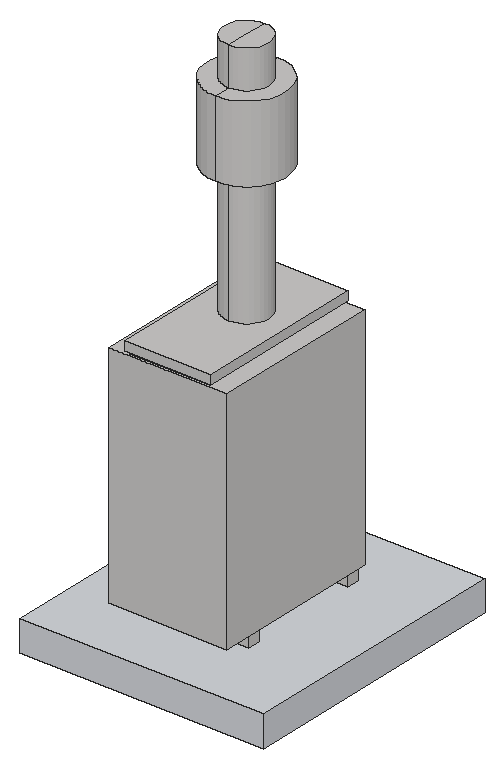
Revit family "DC_Rheem_PLM_Raypak_B0200HWT", category Plumbing Fixtures, host Face, Revit 2020
Family settings
  Host = Face
  Round Connector Dimension = Use Radius
  Part Type = Normal
  Cut with Voids When Loaded = No
  Shared = No
  Room Calculation Point = No
Parameters (values of type "Raypak - Gas Water Heater- Outdoor - 185 MJ/h  Propane gas, On/Off gas control")
  Width_ANZRS = 465 mm
  URL = "http://www.rheem.com.au/CommercialProducts"
  Type Comments = "Recovery 705L/h @ 50°C rise\r\n"
  Model = "B0200PCO/HWT\r\n"
  Materials_ANZRS = Raypak - Grey Powder Coated Steel
  PRVDistance_ANZRS = 210 mm
  PRV_ANZRS = 10 mm
  Manufacturer = "Raypak\r\n"
  Length_ANZRS = 675 mm
  HotWaterOutletRadius_ANZRS = 10 mm
  HotWaterOutletDiameter_ANZRS = HotWaterOutletRadius_ANZRS * 2  # 20 mm
  HotWaterConnectionDistance_ANZRS = 170 mm
  Height_ANZRS = 1955 mm
  H1_ANZRS = 940 mm
  GasInletRadius_ANZRS = 10 mm
  GasInletHeight_ANZRS = 370 mm
  GasInletDiameter_ANZRS = GasInletRadius_ANZRS * 2  # 20 mm
  GasConnectionDistance_ANZRS = 105 mm
  DesignBy_ANZRS = "Design Content ©\r\n"
  Description = "Raypak - Gas Water Heater- Outdoor - 185 MJ/h  Propane gas, On/Off gas control\r\n"
  Default Elevation = 0 mm
  Connection Height_ANZRS = 700 mm
  ColdWaterInletRadius_ANZRS = 10 mm
  ColdWaterInletDiameter_ANZRS = ColdWaterInletRadius_ANZRS * 2  # 20 mm
  ColdWaterConnectionDistance_ANZRS = 215 mm
  BoxHeight_ANZRS = 985 mm
  Base1Distance_ANZRS = 30 mm
  BaseWidth_ANZRS = 50 mm
  Basae2Distance = 105 mm
  Author_ANZRS = "DM"
  Assembly Code = ""
Types (4, lengths in mm): name | Type Comments | Model | HotWaterOutletRadius_ANZRS | HotWaterOutletDiameter_ANZRS | GasInletRadius_ANZRS | GasInletDiameter_ANZRS | Description | ColdWaterInletRadius_ANZRS | ColdWaterInletDiameter_ANZRS
  Raypak - Gas Water Heater- Outdoor - 196 MJ/h  Natural gas, modulating gas control | "Recovery 750L/h @ 50°C rise\r\n" | "B0200NCM/HWT\r\n" | 20 | 40 | 12.5 | 25 | "Raypak - Gas Water Heater- Outdoor - 196 MJ/h  Natural gas, modulating gas control" | 20 | 40
  Raypak - Gas Water Heater- Outdoor - 196 MJ/h  Natural gas, On/Off gas control | "Recovery 750L/h @ 50°C rise\r\n" | "B0200NCO/HWT\r\n" | 10 | 20 | 10 | 20 | "Raypak - Gas Water Heater- Outdoor - 196 MJ/h  Natural gas, On/Off gas control\r\n" | 10 | 20
  Raypak - Gas Water Heater- Outdoor - 185 MJ/h  Propane gas, modulating gas control | "Recovery 705L/h @ 50°C rise\r\n" | "B0200PCM/HWT\r\n" | 10 | 20 | 10 | 20 | "Raypak - Gas Water Heater- Outdoor - 185 MJ/h  Propane gas, modulating gas control\r\n" | 10 | 20
  Raypak - Gas Water Heater- Outdoor - 185 MJ/h  Propane gas, On/Off gas control | "Recovery 705L/h @ 50°C rise\r\n" | "B0200PCO/HWT\r\n" | 10 | 20 | 10 | 20 | "Raypak - Gas Water Heater- Outdoor - 185 MJ/h  Propane gas, On/Off gas control\r\n" | 10 | 20
Reference planes
  plane 1 "Center (Front/Back)": y = 0
  plane 2: z = 0
  plane 3 "Center (Left/Right)": x = 0
  plane 4: z = 1955
  plane 5: z = 985
  plane 6: z = 700
  plane 7: z = 370
  plane 8: y = 288
  plane 9: y = -387
  plane 10: y = 78
  plane 11: y = 118
  plane 12: y = -97
  plane 13: y = -282
  plane 14: y = 87.5
  plane 15: y = -87.5
  plane 16: x = -232.5
  plane 17: x = 232.5
  plane 18: z = 40
  plane 19: z = 600
  plane 20: z = 585
  plane 21: y = -327
  plane 22: x = -227.5
  plane 23: y = 258
  plane 24: y = 208
  plane 25: y = -232
  plane 26: y = -282
  plane 27: x = 87.5
  plane 28: x = -87.5
  plane 29: z = 940
  plane 30: z = 950
  plane 31: x = 167.5
  plane 32: x = -167.5
  plane 33: x = 157.5
  plane 34: x = -157.5
  plane 35: y = -377
  plane 36: y = 278
  plane 37: z = 1805
  plane 38: z = 1505
Forms (mm)
  Extrusion 1, solid
    sketch origin (0, 0, 0) x (1, 0, 0) y (0, 1, 0)
      loop
        line (-427.5, 508) -> (-427.5, -578.84) -> (529.111, -578.84) -> (529.111, 508) -> (-427.5, 508)
    from 0 to -120
  Extrusion 2, solid, material "Raypak - Grey Powder Coated Steel" <- "Materials_ANZRS"
    sketch origin (0, 0, 0) x (1, 0, 0) y (0, 1, 0)
      loop
        line (-232.5, 288) -> (-232.5, -387) -> (232.5, -387) -> (232.5, 288) -> (-232.5, 288)
    from 40 to 940
  Revolve 3, solid, material "Raypak - Grey Powder Coated Steel" <- "Materials_ANZRS"
    sketch origin (0, 0, 105) x (0, 1, 0) y (0, 0, 1)
      loop
        line (0, 1850) -> (-87.5, 1850) -> (-87.5, 1700) -> (-153.5, 1700) -> (-153.5, 1400) -> (-87.5, 1400) -> (-87.5, 880) -> (0, 880) -> (0, 1850)
      axis (0, 1850) -> (0, 880)
    angle from 0 to 360
  Extrusion 4, void
    sketch origin (0, 0, 0) x (0, 1, 0) y (0, 0, 1)
      loop
        circle (78, 700) r 10
      loop
        circle (118, 700) r 10
      loop
        circle (-97, 700) r 10
    from -232.5 to -227.5
  Extrusion 5, void
    sketch origin (0, 0, 0) x (0, 1, 0) y (0, 0, 1)
      loop
        circle (-327, 600) r 5
      loop
        circle (-327, 585) r 5
      loop
        circle (-282, 370) r 10
    from -232.5 to -227.5
  Extrusion 6, solid, material "Raypak - Grey Powder Coated Steel" <- "Materials_ANZRS"
    sketch origin (0, 0, 0) x (0, 1, 0) y (0, 0, 1)
      loop
        line (258, 40) -> (208, 40) -> (208, 0) -> (258, 0) -> (258, 40)
      loop
        line (-232, 40) -> (-282, 40) -> (-282, 0) -> (-232, 0) -> (-232, 40)
    from -232.5 to 232.5
  Extrusion 7, solid, material "Raypak - Grey Powder Coated Steel" <- "Materials_ANZRS"
    sketch origin (0, 0, 0) x (1, 0, 0) y (0, 0, 1)
      loop
        line (167.5, 985) -> (-167.5, 985) -> (-167.5, 950) -> (167.5, 950) -> (167.5, 985)
    from -288 to 387
  Extrusion 8, solid, material "Raypak - Grey Powder Coated Steel" <- "Materials_ANZRS"
    sketch origin (0, 0, 0) x (1, 0, 0) y (0, 0, 1)
      loop
        line (157.5, 950) -> (-157.5, 950) -> (-157.5, 940) -> (157.5, 940) -> (157.5, 950)
    from -278 to 377
Cuts and joins
  Extrusion 4, Extrusion 5 cuts Extrusion 2
Lines and regions (mm)
  Masking region 1
    outline origin (0, 0, 0) x (1, 0, 0) y (0, 1, 0)
      loop
        line (-232.5, 288) -> (-232.5, -387) -> (232.5, -387) -> (232.5, 288) -> (-232.5, 288)
  Masking region 2
    outline origin (0, 0, 0) x (1, 0, 0) y (0, 0, 1)
      loop
        line (-87.5, 1955) -> (-87.5, 1805) -> (-153.5, 1805) -> (-153.5, 1505) -> (-87.5, 1505) -> (-87.5, 985) -> (-167.5, 985) -> (-167.5, 950) -> (-157.5, 950) -> (-157.5, 940) -> (-232.5, 940) -> (-232.5, 0) -> (232.5, 0) -> (232.5, 940) -> (157.5, 940) -> (157.5, 950) -> (167.5, 950) -> (167.5, 985) -> (87.5, 985) -> (87.5, 1505) -> (153.5, 1505) -> (153.5, 1805) -> (87.5, 1805) -> (87.5, 1955) -> (0, 1955) -> (-87.5, 1955)
  Masking region 3
    outline origin (0, 0, 0) x (0, 1, 0) y (0, 0, 1)
      loop
        line (-87.5, 1955) -> (-87.5, 1805) -> (-153.5, 1805) -> (-153.5, 1505) -> (-87.5, 1505) -> (-87.5, 985) -> (-387, 985) -> (-387, 950) -> (-377, 950) -> (-377, 940) -> (-387, 940) -> (-387, 40) -> (-282, 40) -> (-282, 0) -> (-232, 0) -> (-232, 40) -> (208, 40) -> (208, 0) -> (258, 0) -> (258, 40) -> (288, 40) -> (288, 940) -> (278, 940) -> (278, 950) -> (288, 950) -> (288, 985) -> (87.5, 985) -> (87.5, 1505) -> (153.5, 1505) -> (153.5, 1805) -> (87.5, 1805) -> (87.5, 1955) -> (-87.5, 1955)
  symbolic lines, style "Rheem Raypak", detail levels fine
    curve 1: arc (0, 153.5, 0) -> (-153.5, 0, 0) -> (0, -153.5, 0) r 153.5
    curve 2: arc (0, -153.5, 0) -> (153.5, 0, 0) -> (0, 153.5, 0) r 153.5
    curve 3: arc (0, 153.5, 0) -> (153.5, 0, 0) -> (0, -153.5, 0) r 153.5
    curve 4: arc (0, -153.5, 0) -> (-153.5, 0, 0) -> (0, 153.5, 0) r 153.5
    curve 5: arc (0, -87.5, 0) -> (-87.5, 0, 0) -> (0, 87.5, 0) r 87.5
    curve 6: arc (0, 87.5, 0) -> (87.5, 0, 0) -> (0, -87.5, 0) r 87.5
    curve 7: line (232.5, -387, 0) -> (232.5, 288, 0)
    curve 8: line (232.5, 288, 0) -> (-232.5, 288, 0)
    curve 9: line (-232.5, 288, 0) -> (-232.5, -387, 0)
    curve 10: line (-232.5, -387, 0) -> (232.5, -387, 0)
    curve 11: line (232.5, 0, 940) -> (-232.5, 0, 940)
    curve 12: line (232.5, 0, 40) -> (232.5, 0, 940)
    curve 13: line (-232.5, 0, 940) -> (-232.5, 0, 40)
    curve 14: line (-232.5, 0, 40) -> (232.5, 0, 40)
    curve 15: line (232.5, 0, 0) -> (232.5, 0, 40)
    curve 16: line (-232.5, 0, 40) -> (-232.5, 0, 0)
    curve 17: line (-232.5, 0, 0) -> (232.5, 0, 0)
    curve 18: line (-87.5, 0, 1505) -> (-87.5, 0, 985)
    curve 19: line (87.5, 0, 1505) -> (87.5, 0, 985)
    curve 20: arc (0, 68, 700) -> (0, 78, 690) -> (0, 88, 700) r 10
    curve 21: arc (0, 88, 700) -> (0, 78, 710) -> (0, 68, 700) r 10
    curve 22: arc (0, 128, 700) -> (0, 118, 710) -> (0, 108, 700) r 10
    curve 23: arc (0, 108, 700) -> (0, 118, 690) -> (0, 128, 700) r 10
    curve 24: arc (0, -107, 700) -> (0, -97, 690) -> (0, -87, 700) r 10
    curve 25: arc (0, -87, 700) -> (0, -97, 710) -> (0, -107, 700) r 10
    curve 26: arc (0, -272, 370) -> (0, -282, 380) -> (0, -292, 370) r 10
    curve 27: arc (0, -292, 370) -> (0, -282, 360) -> (0, -272, 370) r 10
    curve 28: arc (0, -332, 585) -> (0, -327, 580) -> (0, -322, 585) r 5
    curve 29: arc (0, -322, 585) -> (0, -327, 590) -> (0, -332, 585) r 5
    curve 30: arc (0, -332, 600) -> (0, -327, 595) -> (0, -322, 600) r 5
    curve 31: arc (0, -322, 600) -> (0, -327, 605) -> (0, -332, 600) r 5
    curve 32: line (0, 288, 985) -> (0, -387, 985)
    curve 33: line (0, -387, 985) -> (0, -387, 950)
    curve 34: line (0, 288, 40) -> (0, 288, 940)
    curve 35: line (0, -387, 40) -> (0, 288, 40)
    curve 36: line (0, 208, 40) -> (0, 208, 0)
    curve 37: line (0, 258, 0) -> (0, 258, 40)
    curve 38: line (0, 208, 0) -> (0, 258, 0)
    curve 39: line (0, -232, 0) -> (0, -232, 40)
    curve 40: line (0, -282, 40) -> (0, -282, 0)
    curve 41: line (0, -282, 0) -> (0, -232, 0)
    curve 42: line (-167.5, 288, 0) -> (-167.5, -387, 0)
    curve 43: line (167.5, -387, 0) -> (167.5, 288, 0)
    curve 44: line (167.5, 0, 950) -> (167.5, 0, 985)
    curve 45: line (-167.5, 0, 950) -> (167.5, 0, 950)
    curve 46: line (157.5, 0, 940) -> (157.5, 0, 950)
    curve 47: line (-167.5, 0, 985) -> (-167.5, 0, 950)
    curve 48: line (-157.5, 0, 950) -> (-157.5, 0, 940)
    curve 49: line (167.5, 0, 985) -> (-167.5, 0, 985)
    curve 50: line (0, -387, 950) -> (0, 288, 950)
    curve 51: line (0, 288, 940) -> (0, -387, 940)
    curve 52: line (0, 278, 940) -> (0, 278, 950)
    curve 53: line (0, -377, 950) -> (0, -377, 940)
    curve 54: line (0, -387, 940) -> (0, -387, 40)
    curve 55: line (0, 288, 950) -> (0, 288, 985)
    curve 56: line (0, -87.5, 1955) -> (0, 87.5, 1955)
    curve 57: line (0, -87.5, 1955) -> (0, -87.5, 1805)
    curve 58: line (0, 87.5, 1805) -> (0, 87.5, 1955)
    curve 59: line (0, -153.5, 1805) -> (0, 153.5, 1805)
    curve 60: line (0, 153.5, 1505) -> (0, 153.5, 1805)
    curve 61: line (0, -153.5, 1805) -> (0, -153.5, 1505)
    curve 62: line (0, -153.5, 1505) -> (0, 153.5, 1505)
    curve 63: line (-153.5, 0, 1505) -> (153.5, 0, 1505)
    curve 64: line (153.5, 0, 1505) -> (153.5, 0, 1805)
    curve 65: line (-153.5, 0, 1805) -> (-153.5, 0, 1505)
    curve 66: line (-153.5, 0, 1805) -> (0, 0, 1805)
    curve 67: line (0, 0, 1805) -> (153.5, 0, 1805)
    curve 68: line (87.5, 0, 1805) -> (87.5, 0, 1955)
    curve 69: line (-87.5, 0, 1955) -> (-87.5, 0, 1805)
    curve 70: line (-87.5, 0, 1955) -> (0, 0, 1955)
    curve 71: line (0, 0, 1955) -> (87.5, 0, 1955)
Dimensions and locks
  "Height_ANZRS": plane 4 to level
  "BoxHeight_ANZRS": plane 5 to level
  "Connection Height_ANZRS": plane 6 to Extrusion 1
  "GasInletHeight_ANZRS": plane 7 to level
  "Length_ANZRS": plane 8 to plane 9
  "PRVDistance_ANZRS": plane 8 to plane 10
  "HotWaterConnectionDistance_ANZRS": plane 8 to plane 11
  "ColdWaterConnectionDistance_ANZRS": plane 11 to plane 12
  "GasConnectionDistance_ANZRS": plane 13 to plane 9
  plane 1 "Center (Front/Back)" to plane 9 = 387 mm
  plane 18 to level = 40 mm
  equal spacing: plane 17, plane 3 "Center (Left/Right)", plane 16
  "Width_ANZRS": plane 17 to plane 16
  equal spacing: plane 14, plane 1 "Center (Front/Back)", plane 15
  locked: plane 14 to plane 15 at 175
  plane 19 to Extrusion 1 = 600 mm
  plane 20 to Extrusion 1 = 585 mm
  plane 18 to Extrusion 1 = 40 mm
  plane 21 to plane 9 = 60 mm
  plane 16 to plane 22 = 5 mm
  "Base1Distance_ANZRS": plane 8 to plane 23
  "BaseWidth_ANZRS": plane 23 to plane 24
  "BaseWidth_ANZRS": plane 25 to plane 26
  "Basae2Distance": plane 26 to plane 9
  equal spacing: plane 28, plane 3 "Center (Left/Right)", plane 27
  locked: plane 28 to plane 27 at 175
  "H1_ANZRS": plane 29 to Extrusion 1
  locked: plane 29 to plane 30 at 10
  plane 32 to plane 3 "Center (Left/Right)" to plane 31 = 167.5 mm, 167.5 mm
  plane 32 to plane 31 = 335 mm
  locked: plane 33 to plane 31 at 10
  locked: plane 34 to plane 32 at 10
  locked: plane 35 to plane 9 at 10
  plane 36 to plane 8 = 10 mm
  plane 4 to plane 37 to plane 38 = 150 mm, 300 mm
  "HotWaterOutletRadius_ANZRS": radius of Extrusion 4 sketch curve
  "ColdWaterInletRadius_ANZRS": radius of Extrusion 4 sketch curve
  "PRV_ANZRS": radius of Extrusion 4 sketch curve
  "GasInletRadius_ANZRS": radius of Extrusion 5 sketch curve
  aligned and locked: plane 2 to Extrusion 1
  aligned and locked: level to Extrusion 1
  aligned and locked: plane 8 to Extrusion 2 sketch curve
  aligned and locked: plane 16 to Extrusion 2 sketch curve
  aligned and locked: plane 9 to Extrusion 2 sketch curve
  aligned and locked: plane 17 to Extrusion 2 sketch curve
  aligned: plane 5 to Extrusion 2
  aligned and locked: Revolve 3 sketch curve to plane 1 "Center (Front/Back)"
  aligned and locked: plane 11 to Extrusion 4 sketch curve
  aligned and locked: plane 10 to Extrusion 4 sketch curve
  aligned and locked: plane 6 to Extrusion 4 sketch curve  (x3)
  aligned and locked: Extrusion 4 to plane 16
  aligned and locked: Extrusion 2 to plane 18
  aligned and locked: plane 12 to Extrusion 4 sketch curve
  aligned and locked: Revolve 3 sketch curve to plane 4
  aligned and locked: plane 5 to Revolve 3 sketch curve
  aligned: plane 15 to Revolve 3 sketch curve
  aligned and locked: plane 15 to Revolve 3 sketch curve
  aligned and locked: plane 19 to Extrusion 5 sketch curve
  aligned and locked: plane 21 to Extrusion 5 sketch curve  (x2)
  aligned and locked: plane 20 to Extrusion 5 sketch curve
  aligned and locked: Extrusion 5 to plane 16
  aligned and locked: plane 22 to Extrusion 5
  aligned and locked: plane 13 to Extrusion 5 sketch curve
  aligned and locked: plane 7 to Extrusion 5 sketch curve
  aligned and locked: Extrusion 5 to Extrusion 4
  aligned and locked: plane 18 to Extrusion 6 sketch curve  (x2)
  aligned and locked: Extrusion 6 sketch curve to plane 23
  aligned and locked: Extrusion 6 sketch curve to level  (x2)
  aligned and locked: plane 24 to Extrusion 6 sketch curve
  aligned and locked: Extrusion 6 sketch curve to plane 25
  aligned and locked: plane 26 to Extrusion 6 sketch curve
  aligned and locked: Extrusion 6 to plane 16
  aligned and locked: Extrusion 6 to plane 17
  aligned and locked: Masking region 1 sketch curve to cut or joined group of Extrusion 2, Extrusion 4, Extrusion 5  (x4)
  aligned and locked: Masking region 2 sketch curve to plane 28
  aligned and locked: Masking region 2 sketch curve to Revolve 3  (x2)
  aligned and locked: Revolve 3 to Masking region 2 sketch curve  (x2)
  aligned and locked: Masking region 2 sketch curve to plane 27
  aligned and locked: plane 5 to Masking region 2 sketch curve
  aligned and locked: plane 16 to Masking region 2 sketch curve
  aligned and locked: Masking region 2 sketch curve to plane 17
  aligned and locked: Extrusion 1 to Masking region 2 sketch curve
  aligned and locked: Masking region 3 sketch curve to Revolve 3  (x4)
  aligned and locked: Masking region 3 sketch curve to plane 15  (x2)
  aligned and locked: plane 5 to Masking region 3 sketch curve
  aligned and locked: Masking region 3 sketch curve to plane 9
  aligned and locked: plane 18 to Masking region 3 sketch curve
  aligned and locked: Masking region 3 sketch curve to Extrusion 6  (x4)
  aligned and locked: plane 24 to Masking region 3 sketch curve
  aligned and locked: plane 23 to Masking region 3 sketch curve
  aligned and locked: plane 8 to Masking region 3 sketch curve
  aligned and locked: plane 14 to Masking region 3 sketch curve
  aligned and locked: curve 1 to Revolve 3
  aligned and locked: curve 2 to Revolve 3
  aligned and locked: curve 3 to Revolve 3
  aligned and locked: curve 4 to Revolve 3
  aligned and locked: curve 5 to Revolve 3
  aligned and locked: curve 6 to Revolve 3
  aligned and locked: curve 7 to cut or joined group of Extrusion 2, Extrusion 4, Extrusion 5
  aligned and locked: curve 8 to cut or joined group of Extrusion 2, Extrusion 4, Extrusion 5
  aligned and locked: curve 9 to cut or joined group of Extrusion 2, Extrusion 4, Extrusion 5
  aligned and locked: curve 10 to cut or joined group of Extrusion 2, Extrusion 4, Extrusion 5
  aligned and locked: curve 20 to cut or joined group of Extrusion 2, Extrusion 4, Extrusion 5
  aligned and locked: curve 21 to cut or joined group of Extrusion 2, Extrusion 4, Extrusion 5
  aligned and locked: curve 22 to cut or joined group of Extrusion 2, Extrusion 4, Extrusion 5
  aligned and locked: curve 23 to cut or joined group of Extrusion 2, Extrusion 4, Extrusion 5
  aligned and locked: curve 24 to cut or joined group of Extrusion 2, Extrusion 4, Extrusion 5
  aligned and locked: curve 25 to cut or joined group of Extrusion 2, Extrusion 4, Extrusion 5
  aligned and locked: curve 26 to cut or joined group of Extrusion 2, Extrusion 4, Extrusion 5
  aligned and locked: curve 27 to cut or joined group of Extrusion 2, Extrusion 4, Extrusion 5
  aligned and locked: curve 28 to cut or joined group of Extrusion 2, Extrusion 4, Extrusion 5
  aligned and locked: curve 29 to cut or joined group of Extrusion 2, Extrusion 4, Extrusion 5
  aligned and locked: curve 30 to cut or joined group of Extrusion 2, Extrusion 4, Extrusion 5
  aligned and locked: curve 31 to cut or joined group of Extrusion 2, Extrusion 4, Extrusion 5
  aligned and locked: plane 29 to Extrusion 2
  aligned and locked: curve 11 to cut or joined group of Extrusion 2, Extrusion 4, Extrusion 5
  aligned and locked: plane 5 to Extrusion 7 sketch curve
  aligned and locked: Extrusion 7 sketch curve to plane 31
  aligned and locked: Extrusion 7 sketch curve to plane 30
  aligned and locked: Extrusion 7 sketch curve to plane 32
  aligned and locked: plane 30 to Extrusion 8 sketch curve
  aligned and locked: Extrusion 8 sketch curve to plane 33
  aligned and locked: Extrusion 8 sketch curve to plane 29
  aligned and locked: Extrusion 8 sketch curve to plane 34
  aligned and locked: Extrusion 7 to plane 8
  aligned and locked: Extrusion 7 to plane 9
  aligned and locked: Extrusion 8 to plane 35
  aligned and locked: plane 36 to Extrusion 8
  aligned and locked: curve 42 to Extrusion 7
  aligned and locked: curve 43 to Extrusion 7
  aligned and locked: curve 44 to Extrusion 7
  aligned and locked: curve 45 to Extrusion 7
  aligned and locked: curve 46 to Extrusion 8
  aligned and locked: curve 47 to Extrusion 7
  aligned and locked: curve 48 to Extrusion 8
  aligned and locked: curve 49 to Extrusion 7
  aligned and locked: Masking region 2 sketch curve to Extrusion 7  (x3)
  aligned and locked: Extrusion 7 to Masking region 2 sketch curve
  aligned and locked: Masking region 2 sketch curve to Extrusion 8  (x2)
  aligned and locked: Masking region 2 sketch curve to cut or joined group of Extrusion 2, Extrusion 4, Extrusion 5
  aligned and locked: curve 50 to Extrusion 7
  aligned and locked: curve 51 to cut or joined group of Extrusion 2, Extrusion 4, Extrusion 5
  aligned and locked: curve 52 to Extrusion 8
  aligned and locked: curve 53 to Extrusion 8
  aligned and locked: Masking region 3 sketch curve to Extrusion 7
  aligned and locked: Masking region 3 sketch curve to cut or joined group of Extrusion 2, Extrusion 4, Extrusion 5
  aligned and locked: Masking region 3 sketch curve to Extrusion 8  (x2)
  aligned and locked: plane 37 to Revolve 3 sketch curve
  aligned and locked: Revolve 3 to Masking region 3 sketch curve
  aligned and locked: Masking region 2 sketch curve to plane 37
  aligned and locked: curve 56 to Revolve 3
  aligned and locked: curve 57 to Masking region 3
  aligned and locked: curve 58 to Masking region 3
  aligned and locked: curve 59 to Revolve 3
  aligned and locked: curve 60 to Masking region 3
  aligned and locked: curve 61 to Masking region 3
  aligned and locked: curve 62 to Revolve 3
Automatic sketch dimensions
  Extrusion 1 sketch curve to Extrusion 1 sketch curve = 956.611 mm
  Extrusion 1 sketch curve to Extrusion 1 sketch curve = 1086.84 mm
  plane 8 to curve 8 = 0 mm
  curve 8 to plane 16 = 0 mm
  curve 7 to plane 17 = 0 mm
  curve 10 to plane 9 = 0 mm
  curve 40 to plane 13 = 0 mm
  curve 41 to plane 25 = 0 mm
  curve 13 to plane 16 = 0 mm
  plane 28 to curve 18 = 0 mm
  plane 27 to curve 19 = 0 mm
  plane 17 to curve 15 = 0 mm
  curve 17 to level = 0 mm
  curve 14 to plane 18 = 0 mm
  curve 32 to plane 9 = 0 mm
  curve 35 to plane 18 = 0 mm
  curve 36 to plane 24 = 0 mm
  curve 37 to plane 23 = 0 mm
  curve 38 to level = 0 mm
  curve 40 to level = 0 mm
  curve 39 to plane 18 = 0 mm
  curve 40 to plane 18 = 0 mm
  curve 37 to plane 18 = 0 mm
  curve 36 to plane 18 = 0 mm
  curve 42 to plane 32 = 0 mm
  curve 43 to plane 31 = 0 mm
  curve 45 to plane 30 = 0 mm
  curve 45 to plane 32 = 0 mm
  plane 31 to curve 44 = 0 mm
  plane 33 to curve 46 = 0 mm
  curve 47 to plane 5 = 0 mm
  curve 48 to plane 34 = 0 mm
  curve 50 to plane 30 = 0 mm
  curve 52 to plane 36 = 0 mm
  curve 53 to plane 35 = 0 mm
  curve 51 to plane 9 = 0 mm
  curve 50 to plane 8 = 0 mm
  curve 51 to plane 8 = 0 mm
  curve 32 to plane 5 = 0 mm
  Revolve 3 sketch curve to plane 38 = 0 mm
  Revolve 3 sketch curve to plane 15 = 0 mm
  Revolve 3 sketch curve to plane 1 "Center (Front/Back)" = 0 mm
  plane 12 to Revolve 3 sketch curve = 56.5 mm
  Revolve 3 sketch curve to Revolve 3 sketch curve = 675 mm
  Revolve 3 sketch curve to Revolve 3 sketch curve = 130 mm
  Masking region 3 sketch curve to plane 9 = 0 mm
  Masking region 3 sketch curve to plane 14 = 0 mm
  Masking region 3 sketch curve to plane 8 = 0 mm
  Masking region 3 sketch curve to plane 18 = 0 mm  (x2)
  Masking region 3 sketch curve to plane 29 = 0 mm
  Masking region 3 sketch curve to plane 30 = 0 mm
  Masking region 3 sketch curve to plane 5 = 0 mm
  Masking region 3 sketch curve to plane 38 = 0 mm
  plane 12 to Masking region 3 sketch curve = 56.5 mm
  Masking region 2 sketch curve to plane 28 = 0 mm
  Masking region 2 sketch curve to plane 3 "Center (Left/Right)" = 0 mm
  plane 27 to Masking region 2 sketch curve = 0 mm
  Masking region 2 sketch curve to plane 37 = 0 mm
  Masking region 2 sketch curve to plane 29 = 0 mm
  Masking region 2 sketch curve to plane 5 = 0 mm
  plane 34 to Masking region 2 sketch curve = 4 mm
  plane 33 to Masking region 2 sketch curve = 4 mm
  plane 33 to curve 64 = 4 mm
  plane 34 to curve 65 = 4 mm
  plane 27 to curve 68 = 0 mm
  curve 69 to plane 28 = 0 mm
  curve 70 to plane 3 "Center (Left/Right)" = 0 mm
  curve 56 to plane 4 = 0 mm
  curve 56 to plane 15 = 0 mm
  curve 56 to plane 14 = 0 mm
  curve 57 to plane 37 = 0 mm
  plane 12 to curve 59 = 56.5 mm
  curve 59 to plane 11 = 35.5 mm
  curve 61 to plane 38 = 0 mm
  curve 66 to plane 3 "Center (Left/Right)" = 0 mm
  curve 68 to plane 4 = 0 mm
  curve 69 to plane 37 = 0 mm
  curve 18 to plane 38 = 0 mm
  curve 63 to plane 38 = 0 mm
  curve 19 to plane 38 = 0 mm
  curve 65 to plane 37 = 0 mm
  curve 68 to plane 37 = 0 mm
  Extrusion 5 sketch curve to plane 13 = 0 mm
  radius of Extrusion 5 sketch curve = 5 mm  (x2)
Connectors
  piping at (-232.5, 118, 700), diameter 20, driven by "HotWaterOutletRadius_ANZRS"
    settings: on cut or joined group of Extrusion 2, Extrusion 4, Extrusion 5, index 1, connector inside diameter 1.5748", connector length 0 mm, flow factor 0, pipe flow 0 GPM, pressure drop 0.00 psi, fitting loss kfactor 0, connector angle 0.00°, fixture units 0, engagement length 0 mm, angle of deflection 0.00°, flow configuration 1, flow direction 2, fitting loss method 0, system type 19, joint type 0, gender type 0, connector reference index -1, connector utility 0, adjustable connector no, is connector primary yes, connector description ""
  piping at (-232.5, 78, 700), diameter 20, driven by "PRV_ANZRS"
    settings: on cut or joined group of Extrusion 2, Extrusion 4, Extrusion 5, index 2, connector inside diameter 0.7874", connector length 0 mm, flow factor 0, pipe flow 0 GPM, pressure drop 0.00 psi, fitting loss kfactor 0, connector angle 0.00°, fixture units 0, engagement length 0 mm, angle of deflection 0.00°, flow configuration 1, flow direction 1, fitting loss method 0, system type 19, joint type 0, gender type 0, connector reference index -1, connector utility 0, adjustable connector no, is connector primary no, connector description ""
  piping at (-232.5, -97, 700), diameter 20, driven by "ColdWaterInletRadius_ANZRS"
    settings: on cut or joined group of Extrusion 2, Extrusion 4, Extrusion 5, index 3, connector inside diameter 1.5748", connector length 0 mm, flow factor 0, pipe flow 0 GPM, pressure drop 0.00 psi, fitting loss kfactor 0, connector angle 0.00°, fixture units 0, engagement length 0 mm, angle of deflection 0.00°, flow configuration 1, flow direction 1, fitting loss method 0, system type 20, joint type 0, gender type 0, connector reference index -1, connector utility 0, adjustable connector no, is connector primary no, connector description ""
  piping at (-232.5, -282, 370), diameter 20, driven by "GasInletRadius_ANZRS"
    settings: on cut or joined group of Extrusion 2, Extrusion 4, Extrusion 5, index 4, connector inside diameter 0.98425", connector length 0 mm, flow factor 0, pipe flow 0 GPM, pressure drop 0.00 psi, fitting loss kfactor 0, connector angle 0.00°, fixture units 0, engagement length 0 mm, angle of deflection 0.00°, flow configuration 1, flow direction 1, fitting loss method 0, system type 22, joint type 0, gender type 0, connector reference index -1, connector utility 0, adjustable connector no, is connector primary no, connector description "Gas"
  electrical at (-232.5, -327, 600)
    settings: on cut or joined group of Extrusion 2, Extrusion 4, Extrusion 5, index 5, voltage 0 V, apparent load 0 VA, apparent load phase1 0 VA, apparent load phase2 0 VA, apparent load phase3 0 VA, power factor 1, load classification "Other", number of poles 1, system type 30, power factor state 1, is connector primary yes, connector utility no, sub classification motor no, connector description ""
  electrical at (-232.5, -327, 585)
    settings: on cut or joined group of Extrusion 2, Extrusion 4, Extrusion 5, index 6, voltage 0 V, apparent load 0 VA, apparent load phase1 0 VA, apparent load phase2 0 VA, apparent load phase3 0 VA, power factor 1, load classification "Other", number of poles 1, system type 30, power factor state 1, is connector primary no, connector utility no, sub classification motor no, connector description ""
